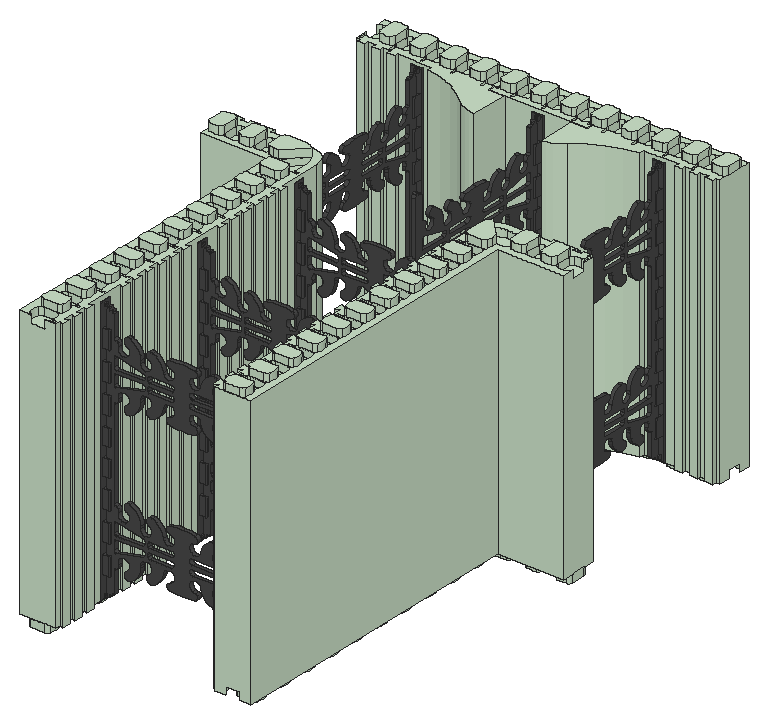
Revit family "ICF- NUDURA 10-inch- Long T Form Unit- Imperial", category Generic Models, Revit 2010 (continued)
Forms (in)
  Extrusion 46, void
    sketch origin (4, 6, 0) x (-1, 0, 0) y (0, -1, 0)
      loop
        arc (-4.89808, 25.99998) -> (-5.04517, 25.95213) -> (-5.13595, 25.8269) r 0.25
        arc (-5.13595, 25.8269) -> (-5.1875, 25.49998) -> (-5.13595, 25.17306) r 1.0625
    from 0 to 0.5
  Extrusion 47, void
    sketch origin (4, 8, 0) x (-1, 0, 0) y (0, -1, 0)
      loop
        arc (-5.13595, 25.17306) -> (-5.04517, 25.04783) -> (-4.89808, 24.99998) r 0.25
        line (-4.89808, 24.99998) -> (-3.97692, 24.99998)
        arc (-3.97692, 24.99998) -> (-3.82983, 25.04783) -> (-3.73905, 25.17306) r 0.25
        arc (-3.73905, 25.17306) -> (-3.69045, 25.4209) -> (-3.70172, 25.67321) r 1.0625
        arc (-3.70172, 25.67321) -> (-3.68771, 25.72383) -> (-3.64005, 25.7459) r 0.0625
        line (-3.64005, 25.7459) -> (-3.41845, 25.7459) -> (-3.41845, 25.91673) -> (-3.76455, 25.91673)
        arc (-3.76455, 25.91673) -> (-3.78736, 25.92104) -> (-3.80702, 25.93338) r 0.0625
        arc (-3.80702, 25.93338) -> (-3.88568, 25.98274) -> (-3.97692, 25.99998) r 0.25
        line (-3.97692, 25.99998) -> (-4.89808, 25.99998)
        arc (-4.89808, 25.99998) -> (-5.04517, 25.95213) -> (-5.13595, 25.8269) r 0.25
        arc (-5.13595, 25.8269) -> (-5.1875, 25.49998) -> (-5.13595, 25.17306) r 1.0625
    from 0 to 0.5
  Extrusion 48, void
    sketch origin (4, 10, 0) x (-1, 0, 0) y (0, -1, 0)
      loop
        arc (-5.13595, 25.17306) -> (-5.04517, 25.04783) -> (-4.89808, 24.99998) r 0.25
        line (-4.89808, 24.99998) -> (-3.97692, 24.99998)
        arc (-3.97692, 24.99998) -> (-3.82983, 25.04783) -> (-3.73905, 25.17306) r 0.25
        arc (-3.73905, 25.17306) -> (-3.69045, 25.4209) -> (-3.70172, 25.67321) r 1.0625
        arc (-3.70172, 25.67321) -> (-3.68771, 25.72383) -> (-3.64005, 25.7459) r 0.0625
        line (-3.64005, 25.7459) -> (-3.41845, 25.7459) -> (-3.41845, 25.91673) -> (-3.76455, 25.91673)
        arc (-3.76455, 25.91673) -> (-3.78736, 25.92104) -> (-3.80702, 25.93338) r 0.0625
        arc (-3.80702, 25.93338) -> (-3.88568, 25.98274) -> (-3.97692, 25.99998) r 0.25
        line (-3.97692, 25.99998) -> (-4.89808, 25.99998)
        arc (-4.89808, 25.99998) -> (-5.04517, 25.95213) -> (-5.13595, 25.8269) r 0.25
        arc (-5.13595, 25.8269) -> (-5.1875, 25.49998) -> (-5.13595, 25.17306) r 1.0625
    from 0 to 0.5
  Extrusion 49, void
    sketch origin (4, 12, 0) x (-1, 0, 0) y (0, -1, 0)
      loop
        arc (-5.13595, 25.17306) -> (-5.04517, 25.04783) -> (-4.89808, 24.99998) r 0.25
        line (-4.89808, 24.99998) -> (-3.97692, 24.99998)
        arc (-3.97692, 24.99998) -> (-3.82983, 25.04783) -> (-3.73905, 25.17306) r 0.25
        arc (-3.73905, 25.17306) -> (-3.69045, 25.4209) -> (-3.70172, 25.67321) r 1.0625
        arc (-3.70172, 25.67321) -> (-3.68771, 25.72383) -> (-3.64005, 25.7459) r 0.0625
        line (-3.64005, 25.7459) -> (-3.41845, 25.7459) -> (-3.41845, 25.91673) -> (-3.76455, 25.91673)
        arc (-3.76455, 25.91673) -> (-3.78736, 25.92104) -> (-3.80702, 25.93338) r 0.0625
        arc (-3.80702, 25.93338) -> (-3.88568, 25.98274) -> (-3.97692, 25.99998) r 0.25
        line (-3.97692, 25.99998) -> (-4.89808, 25.99998)
        arc (-4.89808, 25.99998) -> (-5.04517, 25.95213) -> (-5.13595, 25.8269) r 0.25
        arc (-5.13595, 25.8269) -> (-5.1875, 25.49998) -> (-5.13595, 25.17306) r 1.0625
    from 0 to 0.5
  Extrusion 50, void
    sketch origin (4, 14, 0) x (-1, 0, 0) y (0, -1, 0)
      loop
        arc (-5.13595, 25.17306) -> (-5.04517, 25.04783) -> (-4.89808, 24.99998) r 0.25
        line (-4.89808, 24.99998) -> (-3.97692, 24.99998)
        arc (-3.97692, 24.99998) -> (-3.82983, 25.04783) -> (-3.73905, 25.17306) r 0.25
        arc (-3.73905, 25.17306) -> (-3.69045, 25.4209) -> (-3.70172, 25.67321) r 1.0625
        arc (-3.70172, 25.67321) -> (-3.68771, 25.72383) -> (-3.64005, 25.7459) r 0.0625
        line (-3.64005, 25.7459) -> (-3.41845, 25.7459) -> (-3.41845, 25.91673) -> (-3.76455, 25.91673)
        arc (-3.76455, 25.91673) -> (-3.78736, 25.92104) -> (-3.80702, 25.93338) r 0.0625
        arc (-3.80702, 25.93338) -> (-3.88568, 25.98274) -> (-3.97692, 25.99998) r 0.25
        line (-3.97692, 25.99998) -> (-4.89808, 25.99998)
        arc (-4.89808, 25.99998) -> (-5.04517, 25.95213) -> (-5.13595, 25.8269) r 0.25
        arc (-5.13595, 25.8269) -> (-5.1875, 25.49998) -> (-5.13595, 25.17306) r 1.0625
    from 0 to 0.5
  Extrusion 51, void
    sketch origin (4.00002, -3.99998, 0) x (0, -1, 0) y (1, 0, 0)
      loop
        arc (5.67323, 3.7017) -> (5.72385, 3.68769) -> (5.74592, 3.64003) r 0.0625
        line (5.74592, 3.64003) -> (5.74592, 3.41844) -> (5.91675, 3.41844) -> (5.91675, 3.76453)
        arc (5.91675, 3.76453) -> (5.92106, 3.78734) -> (5.9334, 3.807) r 0.0625
        arc (5.9334, 3.807) -> (5.98276, 3.88566) -> (6, 3.9769) r 0.25
        line (6, 3.9769) -> (6, 4.89806)
        arc (6, 4.89806) -> (5.95215, 5.04515) -> (5.82692, 5.13593) r 0.25
        arc (5.82692, 5.13593) -> (5.66548, 5.17452) -> (5.5, 5.18748) r 1.0625
        line (5.5, 5.18748) -> (5.1875, 5.18748) -> (3.98039, 3.98037)
        arc (3.98039, 3.98037) -> (4.30482, 3.7636) -> (4.6875, 3.68748) r 1
        line (4.6875, 3.68748) -> (5.5, 3.68748)
        arc (5.5, 3.68748) -> (5.58691, 3.69104) -> (5.67323, 3.7017) r 1.0625
    from 0 to 0.5
  Extrusion 52, void
    sketch origin (35.99998, -3.99998, 0) x (0, 1, 0) y (-1, 0, 0)
      loop
        arc (-5.13595, 25.17306) -> (-5.04517, 25.04783) -> (-4.89808, 24.99998) r 0.25
        line (-4.89808, 24.99998) -> (-3.97692, 24.99998)
        arc (-3.97692, 24.99998) -> (-3.82983, 25.04783) -> (-3.73905, 25.17306) r 0.25
        arc (-3.73905, 25.17306) -> (-3.69045, 25.4209) -> (-3.70172, 25.67321) r 1.0625
        arc (-3.70172, 25.67321) -> (-3.68771, 25.72383) -> (-3.64005, 25.7459) r 0.0625
        line (-3.64005, 25.7459) -> (-3.41845, 25.7459) -> (-3.41845, 25.91673) -> (-3.76455, 25.91673)
        arc (-3.76455, 25.91673) -> (-3.78736, 25.92104) -> (-3.80702, 25.93338) r 0.0625
        arc (-3.80702, 25.93338) -> (-3.88568, 25.98274) -> (-3.97692, 25.99998) r 0.25
        line (-3.97692, 25.99998) -> (-4.89808, 25.99998)
        arc (-4.89808, 25.99998) -> (-5.04517, 25.95213) -> (-5.13595, 25.8269) r 0.25
        arc (-5.13595, 25.8269) -> (-5.1875, 25.49998) -> (-5.13595, 25.17306) r 1.0625
    from 0 to 0.5
  Extrusion 53, void
    sketch origin (37.99998, -3.99998, 0) x (0, 1, 0) y (-1, 0, 0)
      loop
        arc (-5.13595, 25.17306) -> (-5.04517, 25.04783) -> (-4.89808, 24.99998) r 0.25
        line (-4.89808, 24.99998) -> (-3.97692, 24.99998)
        arc (-3.97692, 24.99998) -> (-3.82983, 25.04783) -> (-3.73905, 25.17306) r 0.25
        arc (-3.73905, 25.17306) -> (-3.69045, 25.4209) -> (-3.70172, 25.67321) r 1.0625
        arc (-3.70172, 25.67321) -> (-3.68771, 25.72383) -> (-3.64005, 25.7459) r 0.0625
        line (-3.64005, 25.7459) -> (-3.41845, 25.7459) -> (-3.41845, 25.91673) -> (-3.76455, 25.91673)
        arc (-3.76455, 25.91673) -> (-3.78736, 25.92104) -> (-3.80702, 25.93338) r 0.0625
        arc (-3.80702, 25.93338) -> (-3.88568, 25.98274) -> (-3.97692, 25.99998) r 0.25
        line (-3.97692, 25.99998) -> (-4.89808, 25.99998)
        arc (-4.89808, 25.99998) -> (-5.04517, 25.95213) -> (-5.13595, 25.8269) r 0.25
        arc (-5.13595, 25.8269) -> (-5.1875, 25.49998) -> (-5.13595, 25.17306) r 1.0625
    from 0 to 0.5
  Extrusion 54, void
    sketch origin (15.99998, -0.00002, 0) x (0, -1, 0) y (1, 0, 0)
      loop
        arc (-5.13595, -25.17306) -> (-5.1875, -25.49998) -> (-5.13595, -25.8269) r 1.0625
        arc (-5.13595, -25.8269) -> (-5.04517, -25.95213) -> (-4.89808, -25.99998) r 0.25
        line (-4.89808, -25.99998) -> (-3.97692, -25.99998)
        arc (-3.97692, -25.99998) -> (-3.88568, -25.98274) -> (-3.80702, -25.93338) r 0.25
        arc (-3.80702, -25.93338) -> (-3.78736, -25.92104) -> (-3.76455, -25.91673) r 0.0625
        line (-3.76455, -25.91673) -> (-3.41845, -25.91673) -> (-3.41845, -25.7459) -> (-3.64005, -25.7459)
        arc (-3.64005, -25.7459) -> (-3.68771, -25.72383) -> (-3.70172, -25.67321) r 0.0625
        arc (-3.70172, -25.67321) -> (-3.69045, -25.4209) -> (-3.73905, -25.17306) r 1.0625
        arc (-3.73905, -25.17306) -> (-3.82983, -25.04783) -> (-3.97692, -24.99998) r 0.25
        line (-3.97692, -24.99998) -> (-4.89808, -24.99998)
        arc (-4.89808, -24.99998) -> (-5.04517, -25.04783) -> (-5.13595, -25.17306) r 0.25
    from 18 to 17.5
  Extrusion 55, void
    sketch origin (17.99998, -0.00002, 0) x (0, -1, 0) y (1, 0, 0)
      loop
        arc (-5.13595, -25.17306) -> (-5.1875, -25.49998) -> (-5.13595, -25.8269) r 1.0625
        arc (-5.13595, -25.8269) -> (-5.04517, -25.95213) -> (-4.89808, -25.99998) r 0.25
        line (-4.89808, -25.99998) -> (-3.97692, -25.99998)
        arc (-3.97692, -25.99998) -> (-3.88568, -25.98274) -> (-3.80702, -25.93338) r 0.25
        arc (-3.80702, -25.93338) -> (-3.78736, -25.92104) -> (-3.76455, -25.91673) r 0.0625
        line (-3.76455, -25.91673) -> (-3.41845, -25.91673) -> (-3.41845, -25.7459) -> (-3.64005, -25.7459)
        arc (-3.64005, -25.7459) -> (-3.68771, -25.72383) -> (-3.70172, -25.67321) r 0.0625
        arc (-3.70172, -25.67321) -> (-3.69045, -25.4209) -> (-3.73905, -25.17306) r 1.0625
        arc (-3.73905, -25.17306) -> (-3.82983, -25.04783) -> (-3.97692, -24.99998) r 0.25
        line (-3.97692, -24.99998) -> (-4.89808, -24.99998)
        arc (-4.89808, -24.99998) -> (-5.04517, -25.04783) -> (-5.13595, -25.17306) r 0.25
    from 18 to 17.5
  Extrusion 56, void
    sketch origin (19.99998, -0.00002, 0) x (0, -1, 0) y (1, 0, 0)
      loop
        arc (-5.13595, -25.17306) -> (-5.1875, -25.49998) -> (-5.13595, -25.8269) r 1.0625
        arc (-5.13595, -25.8269) -> (-5.04517, -25.95213) -> (-4.89808, -25.99998) r 0.25
        line (-4.89808, -25.99998) -> (-3.97692, -25.99998)
        arc (-3.97692, -25.99998) -> (-3.88568, -25.98274) -> (-3.80702, -25.93338) r 0.25
        arc (-3.80702, -25.93338) -> (-3.78736, -25.92104) -> (-3.76455, -25.91673) r 0.0625
        line (-3.76455, -25.91673) -> (-3.41845, -25.91673) -> (-3.41845, -25.7459) -> (-3.64005, -25.7459)
        arc (-3.64005, -25.7459) -> (-3.68771, -25.72383) -> (-3.70172, -25.67321) r 0.0625
        arc (-3.70172, -25.67321) -> (-3.69045, -25.4209) -> (-3.73905, -25.17306) r 1.0625
        arc (-3.73905, -25.17306) -> (-3.82983, -25.04783) -> (-3.97692, -24.99998) r 0.25
        line (-3.97692, -24.99998) -> (-4.89808, -24.99998)
        arc (-4.89808, -24.99998) -> (-5.04517, -25.04783) -> (-5.13595, -25.17306) r 0.25
    from 18 to 17.5
  Extrusion 57, void
    sketch origin (21.99998, -0.00002, 0) x (0, -1, 0) y (1, 0, 0)
      loop
        arc (-5.13595, -25.17306) -> (-5.1875, -25.49998) -> (-5.13595, -25.8269) r 1.0625
        arc (-5.13595, -25.8269) -> (-5.04517, -25.95213) -> (-4.89808, -25.99998) r 0.25
        line (-4.89808, -25.99998) -> (-3.97692, -25.99998)
        arc (-3.97692, -25.99998) -> (-3.88568, -25.98274) -> (-3.80702, -25.93338) r 0.25
        arc (-3.80702, -25.93338) -> (-3.78736, -25.92104) -> (-3.76455, -25.91673) r 0.0625
        line (-3.76455, -25.91673) -> (-3.41845, -25.91673) -> (-3.41845, -25.7459) -> (-3.64005, -25.7459)
        arc (-3.64005, -25.7459) -> (-3.68771, -25.72383) -> (-3.70172, -25.67321) r 0.0625
        arc (-3.70172, -25.67321) -> (-3.69045, -25.4209) -> (-3.73905, -25.17306) r 1.0625
        arc (-3.73905, -25.17306) -> (-3.82983, -25.04783) -> (-3.97692, -24.99998) r 0.25
        line (-3.97692, -24.99998) -> (-4.89808, -24.99998)
        arc (-4.89808, -24.99998) -> (-5.04517, -25.04783) -> (-5.13595, -25.17306) r 0.25
    from 18 to 17.5
  Extrusion 58, void
    sketch origin (23.99998, -0.00002, 0) x (0, -1, 0) y (1, 0, 0)
      loop
        arc (-5.13595, -25.17306) -> (-5.1875, -25.49998) -> (-5.13595, -25.8269) r 1.0625
        arc (-5.13595, -25.8269) -> (-5.04517, -25.95213) -> (-4.89808, -25.99998) r 0.25
        line (-4.89808, -25.99998) -> (-3.97692, -25.99998)
        arc (-3.97692, -25.99998) -> (-3.88568, -25.98274) -> (-3.80702, -25.93338) r 0.25
        arc (-3.80702, -25.93338) -> (-3.78736, -25.92104) -> (-3.76455, -25.91673) r 0.0625
        line (-3.76455, -25.91673) -> (-3.41845, -25.91673) -> (-3.41845, -25.7459) -> (-3.64005, -25.7459)
        arc (-3.64005, -25.7459) -> (-3.68771, -25.72383) -> (-3.70172, -25.67321) r 0.0625
        arc (-3.70172, -25.67321) -> (-3.69045, -25.4209) -> (-3.73905, -25.17306) r 1.0625
        arc (-3.73905, -25.17306) -> (-3.82983, -25.04783) -> (-3.97692, -24.99998) r 0.25
        line (-3.97692, -24.99998) -> (-4.89808, -24.99998)
        arc (-4.89808, -24.99998) -> (-5.04517, -25.04783) -> (-5.13595, -25.17306) r 0.25
    from 18 to 17.5
  Extrusion 59, void
    sketch origin (29.99998, -0.00002, 0) x (0, -1, 0) y (1, 0, 0)
      loop
        arc (-5.13595, -25.17306) -> (-5.1875, -25.49998) -> (-5.13595, -25.8269) r 1.0625
        arc (-5.13595, -25.8269) -> (-5.04517, -25.95213) -> (-4.89808, -25.99998) r 0.25
        line (-4.89808, -25.99998) -> (-3.97692, -25.99998)
        arc (-3.97692, -25.99998) -> (-3.88568, -25.98274) -> (-3.80702, -25.93338) r 0.25
        arc (-3.80702, -25.93338) -> (-3.78736, -25.92104) -> (-3.76455, -25.91673) r 0.0625
        line (-3.76455, -25.91673) -> (-3.41845, -25.91673) -> (-3.41845, -25.7459) -> (-3.64005, -25.7459)
        arc (-3.64005, -25.7459) -> (-3.68771, -25.72383) -> (-3.70172, -25.67321) r 0.0625
        arc (-3.70172, -25.67321) -> (-3.69045, -25.4209) -> (-3.73905, -25.17306) r 1.0625
        arc (-3.73905, -25.17306) -> (-3.82983, -25.04783) -> (-3.97692, -24.99998) r 0.25
        line (-3.97692, -24.99998) -> (-4.89808, -24.99998)
        arc (-4.89808, -24.99998) -> (-5.04517, -25.04783) -> (-5.13595, -25.17306) r 0.25
    from 18 to 17.5
  Extrusion 60, void
    sketch origin (31.99998, -0.00002, 0) x (0, -1, 0) y (1, 0, 0)
      loop
        arc (-5.13595, -25.17306) -> (-5.1875, -25.49998) -> (-5.13595, -25.8269) r 1.0625
        arc (-5.13595, -25.8269) -> (-5.04517, -25.95213) -> (-4.89808, -25.99998) r 0.25
        line (-4.89808, -25.99998) -> (-3.97692, -25.99998)
        arc (-3.97692, -25.99998) -> (-3.88568, -25.98274) -> (-3.80702, -25.93338) r 0.25
        arc (-3.80702, -25.93338) -> (-3.78736, -25.92104) -> (-3.76455, -25.91673) r 0.0625
        line (-3.76455, -25.91673) -> (-3.41845, -25.91673) -> (-3.41845, -25.7459) -> (-3.64005, -25.7459)
        arc (-3.64005, -25.7459) -> (-3.68771, -25.72383) -> (-3.70172, -25.67321) r 0.0625
        arc (-3.70172, -25.67321) -> (-3.69045, -25.4209) -> (-3.73905, -25.17306) r 1.0625
        arc (-3.73905, -25.17306) -> (-3.82983, -25.04783) -> (-3.97692, -24.99998) r 0.25
        line (-3.97692, -24.99998) -> (-4.89808, -24.99998)
        arc (-4.89808, -24.99998) -> (-5.04517, -25.04783) -> (-5.13595, -25.17306) r 0.25
    from 18 to 17.5
  Extrusion 61, void
    sketch origin (33.99998, -0.00002, 0) x (0, -1, 0) y (1, 0, 0)
      loop
        arc (-5.13595, -25.17306) -> (-5.1875, -25.49998) -> (-5.13595, -25.8269) r 1.0625
        arc (-5.13595, -25.8269) -> (-5.04517, -25.95213) -> (-4.89808, -25.99998) r 0.25
        line (-4.89808, -25.99998) -> (-3.97692, -25.99998)
        arc (-3.97692, -25.99998) -> (-3.88568, -25.98274) -> (-3.80702, -25.93338) r 0.25
        arc (-3.80702, -25.93338) -> (-3.78736, -25.92104) -> (-3.76455, -25.91673) r 0.0625
        line (-3.76455, -25.91673) -> (-3.41845, -25.91673) -> (-3.41845, -25.7459) -> (-3.64005, -25.7459)
        arc (-3.64005, -25.7459) -> (-3.68771, -25.72383) -> (-3.70172, -25.67321) r 0.0625
        arc (-3.70172, -25.67321) -> (-3.69045, -25.4209) -> (-3.73905, -25.17306) r 1.0625
        arc (-3.73905, -25.17306) -> (-3.82983, -25.04783) -> (-3.97692, -24.99998) r 0.25
        line (-3.97692, -24.99998) -> (-4.89808, -24.99998)
        arc (-4.89808, -24.99998) -> (-5.04517, -25.04783) -> (-5.13595, -25.17306) r 0.25
    from 18 to 17.5
  Extrusion 62, void
    sketch origin (35.99998, -0.00002, 0) x (0, -1, 0) y (1, 0, 0)
      loop
        arc (-5.13595, -25.17306) -> (-5.1875, -25.49998) -> (-5.13595, -25.8269) r 1.0625
        arc (-5.13595, -25.8269) -> (-5.04517, -25.95213) -> (-4.89808, -25.99998) r 0.25
        line (-4.89808, -25.99998) -> (-3.97692, -25.99998)
        arc (-3.97692, -25.99998) -> (-3.88568, -25.98274) -> (-3.80702, -25.93338) r 0.25
        arc (-3.80702, -25.93338) -> (-3.78736, -25.92104) -> (-3.76455, -25.91673) r 0.0625
        line (-3.76455, -25.91673) -> (-3.41845, -25.91673) -> (-3.41845, -25.7459) -> (-3.64005, -25.7459)
        arc (-3.64005, -25.7459) -> (-3.68771, -25.72383) -> (-3.70172, -25.67321) r 0.0625
        arc (-3.70172, -25.67321) -> (-3.69045, -25.4209) -> (-3.73905, -25.17306) r 1.0625
        arc (-3.73905, -25.17306) -> (-3.82983, -25.04783) -> (-3.97692, -24.99998) r 0.25
        line (-3.97692, -24.99998) -> (-4.89808, -24.99998)
        arc (-4.89808, -24.99998) -> (-5.04517, -25.04783) -> (-5.13595, -25.17306) r 0.25
    from 18 to 17.5
  Extrusion 63, void
    sketch origin (-33.99998, -0.00002, 0) x (0, -1, 0) y (1, 0, 0)
      loop
        arc (-5.13595, 25.17306) -> (-5.04517, 25.04783) -> (-4.89808, 24.99998) r 0.25
        line (-4.89808, 24.99998) -> (-3.97692, 24.99998)
        arc (-3.97692, 24.99998) -> (-3.82983, 25.04783) -> (-3.73905, 25.17306) r 0.25
        arc (-3.73905, 25.17306) -> (-3.69045, 25.4209) -> (-3.70172, 25.67321) r 1.0625
        arc (-3.70172, 25.67321) -> (-3.68771, 25.72383) -> (-3.64005, 25.7459) r 0.0625
        line (-3.64005, 25.7459) -> (-3.41845, 25.7459) -> (-3.41845, 25.91673) -> (-3.76455, 25.91673)
        arc (-3.76455, 25.91673) -> (-3.78736, 25.92104) -> (-3.80702, 25.93338) r 0.0625
        arc (-3.80702, 25.93338) -> (-3.88568, 25.98274) -> (-3.97692, 25.99998) r 0.25
        line (-3.97692, 25.99998) -> (-4.89808, 25.99998)
        arc (-4.89808, 25.99998) -> (-5.04517, 25.95213) -> (-5.13595, 25.8269) r 0.25
        arc (-5.13595, 25.8269) -> (-5.1875, 25.49998) -> (-5.13595, 25.17306) r 1.0625
    from 0 to 0.5
  Extrusion 64, void
    sketch origin (-31.99998, -0.00002, 0) x (0, -1, 0) y (1, 0, 0)
      loop
        arc (-5.13595, 25.17306) -> (-5.04517, 25.04783) -> (-4.89808, 24.99998) r 0.25
        line (-4.89808, 24.99998) -> (-3.97692, 24.99998)
        arc (-3.97692, 24.99998) -> (-3.82983, 25.04783) -> (-3.73905, 25.17306) r 0.25
        arc (-3.73905, 25.17306) -> (-3.69045, 25.4209) -> (-3.70172, 25.67321) r 1.0625
        arc (-3.70172, 25.67321) -> (-3.68771, 25.72383) -> (-3.64005, 25.7459) r 0.0625
        line (-3.64005, 25.7459) -> (-3.41845, 25.7459) -> (-3.41845, 25.91673) -> (-3.76455, 25.91673)
        arc (-3.76455, 25.91673) -> (-3.78736, 25.92104) -> (-3.80702, 25.93338) r 0.0625
        arc (-3.80702, 25.93338) -> (-3.88568, 25.98274) -> (-3.97692, 25.99998) r 0.25
        line (-3.97692, 25.99998) -> (-4.89808, 25.99998)
        arc (-4.89808, 25.99998) -> (-5.04517, 25.95213) -> (-5.13595, 25.8269) r 0.25
        arc (-5.13595, 25.8269) -> (-5.1875, 25.49998) -> (-5.13595, 25.17306) r 1.0625
    from 0 to 0.5
  Extrusion 65, void
    sketch origin (-29.99998, -0.00002, 0) x (0, -1, 0) y (1, 0, 0)
      loop
        arc (-5.13595, 25.17306) -> (-5.04517, 25.04783) -> (-4.89808, 24.99998) r 0.25
        line (-4.89808, 24.99998) -> (-3.97692, 24.99998)
        arc (-3.97692, 24.99998) -> (-3.82983, 25.04783) -> (-3.73905, 25.17306) r 0.25
        arc (-3.73905, 25.17306) -> (-3.69045, 25.4209) -> (-3.70172, 25.67321) r 1.0625
        arc (-3.70172, 25.67321) -> (-3.68771, 25.72383) -> (-3.64005, 25.7459) r 0.0625
        line (-3.64005, 25.7459) -> (-3.41845, 25.7459) -> (-3.41845, 25.91673) -> (-3.76455, 25.91673)
        arc (-3.76455, 25.91673) -> (-3.78736, 25.92104) -> (-3.80702, 25.93338) r 0.0625
        arc (-3.80702, 25.93338) -> (-3.88568, 25.98274) -> (-3.97692, 25.99998) r 0.25
        line (-3.97692, 25.99998) -> (-4.89808, 25.99998)
        arc (-4.89808, 25.99998) -> (-5.04517, 25.95213) -> (-5.13595, 25.8269) r 0.25
        arc (-5.13595, 25.8269) -> (-5.1875, 25.49998) -> (-5.13595, 25.17306) r 1.0625
    from 0 to 0.5
  Extrusion 66, void
    sketch origin (-27.99998, -0.00002, 0) x (0, -1, 0) y (1, 0, 0)
      loop
        arc (-5.13595, 25.17306) -> (-5.04517, 25.04783) -> (-4.89808, 24.99998) r 0.25
        line (-4.89808, 24.99998) -> (-3.97692, 24.99998)
        arc (-3.97692, 24.99998) -> (-3.82983, 25.04783) -> (-3.73905, 25.17306) r 0.25
        arc (-3.73905, 25.17306) -> (-3.69045, 25.4209) -> (-3.70172, 25.67321) r 1.0625
        arc (-3.70172, 25.67321) -> (-3.68771, 25.72383) -> (-3.64005, 25.7459) r 0.0625
        line (-3.64005, 25.7459) -> (-3.41845, 25.7459) -> (-3.41845, 25.91673) -> (-3.76455, 25.91673)
        arc (-3.76455, 25.91673) -> (-3.78736, 25.92104) -> (-3.80702, 25.93338) r 0.0625
        arc (-3.80702, 25.93338) -> (-3.88568, 25.98274) -> (-3.97692, 25.99998) r 0.25
        line (-3.97692, 25.99998) -> (-4.89808, 25.99998)
        arc (-4.89808, 25.99998) -> (-5.04517, 25.95213) -> (-5.13595, 25.8269) r 0.25
        arc (-5.13595, 25.8269) -> (-5.1875, 25.49998) -> (-5.13595, 25.17306) r 1.0625
    from 0 to 0.5
  Extrusion 67, void
    sketch origin (-19.99998, -0.00002, 0) x (0, -1, 0) y (1, 0, 0)
      loop
        arc (-5.13595, 25.17306) -> (-5.04517, 25.04783) -> (-4.89808, 24.99998) r 0.25
        line (-4.89808, 24.99998) -> (-3.97692, 24.99998)
        arc (-3.97692, 24.99998) -> (-3.82983, 25.04783) -> (-3.73905, 25.17306) r 0.25
        arc (-3.73905, 25.17306) -> (-3.69045, 25.4209) -> (-3.70172, 25.67321) r 1.0625
        arc (-3.70172, 25.67321) -> (-3.68771, 25.72383) -> (-3.64005, 25.7459) r 0.0625
        line (-3.64005, 25.7459) -> (-3.41845, 25.7459) -> (-3.41845, 25.91673) -> (-3.76455, 25.91673)
        arc (-3.76455, 25.91673) -> (-3.78736, 25.92104) -> (-3.80702, 25.93338) r 0.0625
        arc (-3.80702, 25.93338) -> (-3.88568, 25.98274) -> (-3.97692, 25.99998) r 0.25
        line (-3.97692, 25.99998) -> (-4.89808, 25.99998)
        arc (-4.89808, 25.99998) -> (-5.04517, 25.95213) -> (-5.13595, 25.8269) r 0.25
        arc (-5.13595, 25.8269) -> (-5.1875, 25.49998) -> (-5.13595, 25.17306) r 1.0625
    from 0 to 0.5
  Extrusion 68, void
    sketch origin (-17.99998, -0.00002, 0) x (0, -1, 0) y (1, 0, 0)
      loop
        arc (-5.13595, 25.17306) -> (-5.04517, 25.04783) -> (-4.89808, 24.99998) r 0.25
        line (-4.89808, 24.99998) -> (-3.97692, 24.99998)
        arc (-3.97692, 24.99998) -> (-3.82983, 25.04783) -> (-3.73905, 25.17306) r 0.25
        arc (-3.73905, 25.17306) -> (-3.69045, 25.4209) -> (-3.70172, 25.67321) r 1.0625
        arc (-3.70172, 25.67321) -> (-3.68771, 25.72383) -> (-3.64005, 25.7459) r 0.0625
        line (-3.64005, 25.7459) -> (-3.41845, 25.7459) -> (-3.41845, 25.91673) -> (-3.76455, 25.91673)
        arc (-3.76455, 25.91673) -> (-3.78736, 25.92104) -> (-3.80702, 25.93338) r 0.0625
        arc (-3.80702, 25.93338) -> (-3.88568, 25.98274) -> (-3.97692, 25.99998) r 0.25
        line (-3.97692, 25.99998) -> (-4.89808, 25.99998)
        arc (-4.89808, 25.99998) -> (-5.04517, 25.95213) -> (-5.13595, 25.8269) r 0.25
        arc (-5.13595, 25.8269) -> (-5.1875, 25.49998) -> (-5.13595, 25.17306) r 1.0625
    from 0 to 0.5
  Extrusion 69, void
    sketch origin (-15.99998, -0.00002, 0) x (0, -1, 0) y (1, 0, 0)
      loop
        arc (-5.13595, 25.17306) -> (-5.04517, 25.04783) -> (-4.89808, 24.99998) r 0.25
        line (-4.89808, 24.99998) -> (-3.97692, 24.99998)
        arc (-3.97692, 24.99998) -> (-3.82983, 25.04783) -> (-3.73905, 25.17306) r 0.25
        arc (-3.73905, 25.17306) -> (-3.69045, 25.4209) -> (-3.70172, 25.67321) r 1.0625
        arc (-3.70172, 25.67321) -> (-3.68771, 25.72383) -> (-3.64005, 25.7459) r 0.0625
        line (-3.64005, 25.7459) -> (-3.41845, 25.7459) -> (-3.41845, 25.91673) -> (-3.76455, 25.91673)
        arc (-3.76455, 25.91673) -> (-3.78736, 25.92104) -> (-3.80702, 25.93338) r 0.0625
        arc (-3.80702, 25.93338) -> (-3.88568, 25.98274) -> (-3.97692, 25.99998) r 0.25
        line (-3.97692, 25.99998) -> (-4.89808, 25.99998)
        arc (-4.89808, 25.99998) -> (-5.04517, 25.95213) -> (-5.13595, 25.8269) r 0.25
        arc (-5.13595, 25.8269) -> (-5.1875, 25.49998) -> (-5.13595, 25.17306) r 1.0625
    from 0 to 0.5
  Extrusion 70, void
    sketch origin (-13.99998, -0.00002, 0) x (0, -1, 0) y (1, 0, 0)
      loop
        arc (-5.13595, 25.17306) -> (-5.04517, 25.04783) -> (-4.89808, 24.99998) r 0.25
        line (-4.89808, 24.99998) -> (-3.97692, 24.99998)
        arc (-3.97692, 24.99998) -> (-3.82983, 25.04783) -> (-3.73905, 25.17306) r 0.25
        arc (-3.73905, 25.17306) -> (-3.69045, 25.4209) -> (-3.70172, 25.67321) r 1.0625
        arc (-3.70172, 25.67321) -> (-3.68771, 25.72383) -> (-3.64005, 25.7459) r 0.0625
        line (-3.64005, 25.7459) -> (-3.41845, 25.7459) -> (-3.41845, 25.91673) -> (-3.76455, 25.91673)
        arc (-3.76455, 25.91673) -> (-3.78736, 25.92104) -> (-3.80702, 25.93338) r 0.0625
        arc (-3.80702, 25.93338) -> (-3.88568, 25.98274) -> (-3.97692, 25.99998) r 0.25
        line (-3.97692, 25.99998) -> (-4.89808, 25.99998)
        arc (-4.89808, 25.99998) -> (-5.04517, 25.95213) -> (-5.13595, 25.8269) r 0.25
        arc (-5.13595, 25.8269) -> (-5.1875, 25.49998) -> (-5.13595, 25.17306) r 1.0625
    from 0 to 0.5
  Extrusion 71, solid, material "NUDURA Expanded Polystyrene Foam Insulation"
    sketch origin (4, -4, 0) x (1, 0, 0) y (0, 1, 0)
      loop
        arc (3.98039, -3.98037) -> (3.76362, -4.3048) -> (3.6875, -4.68748) r 1
        line (3.6875, -4.68748) -> (3.6875, -5.49998)
        arc (3.6875, -5.49998) -> (3.70047, -5.66546) -> (3.73905, -5.8269) r 1.0625
        arc (3.73905, -5.8269) -> (3.82983, -5.95213) -> (3.97692, -5.99998) r 0.25
        line (3.97692, -5.99998) -> (4.89808, -5.99998)
        arc (4.89808, -5.99998) -> (5.04517, -5.95213) -> (5.13595, -5.8269) r 0.25
        arc (5.13595, -5.8269) -> (5.17453, -5.66546) -> (5.1875, -5.49998) r 1.0625
        line (5.1875, -5.49998) -> (5.1875, -5.18748) -> (3.98039, -3.98037)
    from 18 to 18.5
  Extrusion 72, solid, material "NUDURA Expanded Polystyrene Foam Insulation"
    sketch origin (0, -4, 0) x (1, 0, 0) y (0, 1, 0)
      loop
        line (-4.6875, -3.68748) -> (-5.5, -3.68748)
        arc (-5.5, -3.68748) -> (-5.66548, -3.70045) -> (-5.82692, -3.73903) r 1.0625
        arc (-5.82692, -3.73903) -> (-5.95215, -3.82981) -> (-6, -3.9769) r 0.25
        line (-6, -3.9769) -> (-6, -4.89806)
        arc (-6, -4.89806) -> (-5.95215, -5.04515) -> (-5.82692, -5.13593) r 0.25
        arc (-5.82692, -5.13593) -> (-5.66548, -5.17452) -> (-5.5, -5.18748) r 1.0625
        line (-5.5, -5.18748) -> (-5.1875, -5.18748) -> (-3.98039, -3.98037)
        arc (-3.98039, -3.98037) -> (-4.30482, -3.7636) -> (-4.6875, -3.68748) r 1
    from 18 to 18.5
  Extrusion 73, solid, material "NUDURA Expanded Polystyrene Foam Insulation"
    sketch origin (0, -4, 0) x (1, 0, 0) y (0, 1, 0)
      loop
        line (-5.1875, -5.18748) -> (-5.1875, -5.49998)
        arc (-5.1875, -5.49998) -> (-5.17453, -5.66546) -> (-5.13595, -5.8269) r 1.0625
        arc (-5.13595, -5.8269) -> (-5.04517, -5.95213) -> (-4.89808, -5.99998) r 0.25
        line (-4.89808, -5.99998) -> (-3.97692, -5.99998)
        arc (-3.97692, -5.99998) -> (-3.82983, -5.95213) -> (-3.73905, -5.8269) r 0.25
        arc (-3.73905, -5.8269) -> (-3.70047, -5.66546) -> (-3.6875, -5.49998) r 1.0625
        line (-3.6875, -5.49998) -> (-3.6875, -4.68748)
        arc (-3.6875, -4.68748) -> (-3.76362, -4.3048) -> (-3.98039, -3.98037) r 1
        line (-3.98039, -3.98037) -> (-5.1875, -5.18748)
    from 0 to -0.5
  Extrusion 74, solid, material "NUDURA Expanded Polystyrene Foam Insulation"
    sketch origin (4, -4, 0) x (1, 0, 0) y (0, 1, 0)
      loop
        arc (6, -3.9769) -> (5.95215, -3.82981) -> (5.82692, -3.73903) r 0.25
        arc (5.82692, -3.73903) -> (5.66548, -3.70045) -> (5.5, -3.68748) r 1.0625
        line (5.5, -3.68748) -> (4.6875, -3.68748)
        arc (4.6875, -3.68748) -> (4.30482, -3.7636) -> (3.98039, -3.98037) r 1
        line (3.98039, -3.98037) -> (5.1875, -5.18748) -> (5.5, -5.18748)
        arc (5.5, -5.18748) -> (5.66548, -5.17452) -> (5.82692, -5.13593) r 1.0625
        arc (5.82692, -5.13593) -> (5.95215, -5.04515) -> (6, -4.89806) r 0.25
        line (6, -4.89806) -> (6, -3.9769)
    from 0 to -0.5
  Extrusion 75, void
    sketch origin (-21.99998, -0.00002, 0) x (0, -1, 0) y (1, 0, 0)
      loop
        arc (-5.13595, 25.17306) -> (-5.04517, 25.04783) -> (-4.89808, 24.99998) r 0.25
        line (-4.89808, 24.99998) -> (-3.97692, 24.99998)
        arc (-3.97692, 24.99998) -> (-3.82983, 25.04783) -> (-3.73905, 25.17306) r 0.25
        arc (-3.73905, 25.17306) -> (-3.69045, 25.4209) -> (-3.70172, 25.67321) r 1.0625
        arc (-3.70172, 25.67321) -> (-3.68771, 25.72383) -> (-3.64005, 25.7459) r 0.0625
        line (-3.64005, 25.7459) -> (-3.41845, 25.7459) -> (-3.41845, 25.91673) -> (-3.76455, 25.91673)
        arc (-3.76455, 25.91673) -> (-3.78736, 25.92104) -> (-3.80702, 25.93338) r 0.0625
        arc (-3.80702, 25.93338) -> (-3.88568, 25.98274) -> (-3.97692, 25.99998) r 0.25
        line (-3.97692, 25.99998) -> (-4.89808, 25.99998)
        arc (-4.89808, 25.99998) -> (-5.04517, 25.95213) -> (-5.13595, 25.8269) r 0.25
        arc (-5.13595, 25.8269) -> (-5.1875, 25.49998) -> (-5.13595, 25.17306) r 1.0625
    from 0 to 0.5
  Extrusion 76, solid, material "NUDURA Expanded Polystyrene Foam Insulation"
    sketch origin (0, 0, 0) x (1, 0, 0) y (0, 1, 0)
      loop
        line (-1.25, 5.625) -> (-1.25, 5.17633) -> (-1, 5.24332) -> (-1, 4.63633) -> (-1.25, 4.69867) -> (-1.25, 4.17633) -> (-1, 4.24332) -> (-1, 3.63633) -> (-1.25, 3.69867) -> (-1.25, 3.25) -> (5.25, 3.25) -> (5.25, 3.69867) -> (5, 3.63633) -> (5, 4.24332) -> (5.25, 4.17633) -> (5.25, 4.69867) -> (5, 4.63633) -> (5, 5.24332) -> (5.25, 5.17633) -> (5.25, 5.625) -> (-1.25, 5.625)
    from 0 to 18
  Extrusion 77, void
    sketch origin (25.99998, -0.00002, 0) x (0, -1, 0) y (1, 0, 0)
      loop
        arc (-5.13595, -25.17306) -> (-5.1875, -25.49998) -> (-5.13595, -25.8269) r 1.0625
        arc (-5.13595, -25.8269) -> (-5.04517, -25.95213) -> (-4.89808, -25.99998) r 0.25
        line (-4.89808, -25.99998) -> (-3.97692, -25.99998)
        arc (-3.97692, -25.99998) -> (-3.88568, -25.98274) -> (-3.80702, -25.93338) r 0.25
        arc (-3.80702, -25.93338) -> (-3.78736, -25.92104) -> (-3.76455, -25.91673) r 0.0625
        line (-3.76455, -25.91673) -> (-3.41845, -25.91673) -> (-3.41845, -25.7459) -> (-3.64005, -25.7459)
        arc (-3.64005, -25.7459) -> (-3.68771, -25.72383) -> (-3.70172, -25.67321) r 0.0625
        arc (-3.70172, -25.67321) -> (-3.69045, -25.4209) -> (-3.73905, -25.17306) r 1.0625
        arc (-3.73905, -25.17306) -> (-3.82983, -25.04783) -> (-3.97692, -24.99998) r 0.25
        line (-3.97692, -24.99998) -> (-4.89808, -24.99998)
        arc (-4.89808, -24.99998) -> (-5.04517, -25.04783) -> (-5.13595, -25.17306) r 0.25
    from 18 to 17.5
  Extrusion 78, void
    sketch origin (27.99998, -0.00002, 0) x (0, -1, 0) y (1, 0, 0)
      loop
        arc (-5.13595, -25.17306) -> (-5.1875, -25.49998) -> (-5.13595, -25.8269) r 1.0625
        arc (-5.13595, -25.8269) -> (-5.04517, -25.95213) -> (-4.89808, -25.99998) r 0.25
        line (-4.89808, -25.99998) -> (-3.97692, -25.99998)
        arc (-3.97692, -25.99998) -> (-3.88568, -25.98274) -> (-3.80702, -25.93338) r 0.25
        arc (-3.80702, -25.93338) -> (-3.78736, -25.92104) -> (-3.76455, -25.91673) r 0.0625
        line (-3.76455, -25.91673) -> (-3.41845, -25.91673) -> (-3.41845, -25.7459) -> (-3.64005, -25.7459)
        arc (-3.64005, -25.7459) -> (-3.68771, -25.72383) -> (-3.70172, -25.67321) r 0.0625
        arc (-3.70172, -25.67321) -> (-3.69045, -25.4209) -> (-3.73905, -25.17306) r 1.0625
        arc (-3.73905, -25.17306) -> (-3.82983, -25.04783) -> (-3.97692, -24.99998) r 0.25
        line (-3.97692, -24.99998) -> (-4.89808, -24.99998)
        arc (-4.89808, -24.99998) -> (-5.04517, -25.04783) -> (-5.13595, -25.17306) r 0.25
    from 18 to 17.5
  Extrusion 79, void
    sketch origin (-23.99998, -0.00002, 0) x (0, -1, 0) y (1, 0, 0)
      loop
        arc (-5.13595, 25.17306) -> (-5.04517, 25.04783) -> (-4.89808, 24.99998) r 0.25
        line (-4.89808, 24.99998) -> (-3.97692, 24.99998)
        arc (-3.97692, 24.99998) -> (-3.82983, 25.04783) -> (-3.73905, 25.17306) r 0.25
        arc (-3.73905, 25.17306) -> (-3.69045, 25.4209) -> (-3.70172, 25.67321) r 1.0625
        arc (-3.70172, 25.67321) -> (-3.68771, 25.72383) -> (-3.64005, 25.7459) r 0.0625
        line (-3.64005, 25.7459) -> (-3.41845, 25.7459) -> (-3.41845, 25.91673) -> (-3.76455, 25.91673)
        arc (-3.76455, 25.91673) -> (-3.78736, 25.92104) -> (-3.80702, 25.93338) r 0.0625
        arc (-3.80702, 25.93338) -> (-3.88568, 25.98274) -> (-3.97692, 25.99998) r 0.25
        line (-3.97692, 25.99998) -> (-4.89808, 25.99998)
        arc (-4.89808, 25.99998) -> (-5.04517, 25.95213) -> (-5.13595, 25.8269) r 0.25
        arc (-5.13595, 25.8269) -> (-5.1875, 25.49998) -> (-5.13595, 25.17306) r 1.0625
    from 0 to 0.5
  Extrusion 80, void
    sketch origin (-25.99998, -0.00002, 0) x (0, -1, 0) y (1, 0, 0)
      loop
        arc (-5.13595, 25.17306) -> (-5.04517, 25.04783) -> (-4.89808, 24.99998) r 0.25
        line (-4.89808, 24.99998) -> (-3.97692, 24.99998)
        arc (-3.97692, 24.99998) -> (-3.82983, 25.04783) -> (-3.73905, 25.17306) r 0.25
        arc (-3.73905, 25.17306) -> (-3.69045, 25.4209) -> (-3.70172, 25.67321) r 1.0625
        arc (-3.70172, 25.67321) -> (-3.68771, 25.72383) -> (-3.64005, 25.7459) r 0.0625
        line (-3.64005, 25.7459) -> (-3.41845, 25.7459) -> (-3.41845, 25.91673) -> (-3.76455, 25.91673)
        arc (-3.76455, 25.91673) -> (-3.78736, 25.92104) -> (-3.80702, 25.93338) r 0.0625
        arc (-3.80702, 25.93338) -> (-3.88568, 25.98274) -> (-3.97692, 25.99998) r 0.25
        line (-3.97692, 25.99998) -> (-4.89808, 25.99998)
        arc (-4.89808, 25.99998) -> (-5.04517, 25.95213) -> (-5.13595, 25.8269) r 0.25
        arc (-5.13595, 25.8269) -> (-5.1875, 25.49998) -> (-5.13595, 25.17306) r 1.0625
    from 0 to 0.5
  Extrusion 81, void
    sketch origin (37.99998, -0.00002, 0) x (0, -1, 0) y (1, 0, 0)
      loop
        arc (-5.13595, -25.17306) -> (-5.1875, -25.49998) -> (-5.13595, -25.8269) r 1.0625
        arc (-5.13595, -25.8269) -> (-5.04517, -25.95213) -> (-4.89808, -25.99998) r 0.25
        line (-4.89808, -25.99998) -> (-3.97692, -25.99998)
        arc (-3.97692, -25.99998) -> (-3.88568, -25.98274) -> (-3.80702, -25.93338) r 0.25
        arc (-3.80702, -25.93338) -> (-3.78736, -25.92104) -> (-3.76455, -25.91673) r 0.0625
        line (-3.76455, -25.91673) -> (-3.41845, -25.91673) -> (-3.41845, -25.7459) -> (-3.64005, -25.7459)
        arc (-3.64005, -25.7459) -> (-3.68771, -25.72383) -> (-3.70172, -25.67321) r 0.0625
        arc (-3.70172, -25.67321) -> (-3.69045, -25.4209) -> (-3.73905, -25.17306) r 1.0625
        arc (-3.73905, -25.17306) -> (-3.82983, -25.04783) -> (-3.97692, -24.99998) r 0.25
        line (-3.97692, -24.99998) -> (-4.89808, -24.99998)
        arc (-4.89808, -24.99998) -> (-5.04517, -25.04783) -> (-5.13595, -25.17306) r 0.25
    from 18 to 17.5
  Extrusion 82, void
    sketch origin (-11.99998, -0.00002, 0) x (0, -1, 0) y (1, 0, 0)
      loop
        arc (-5.13595, 25.17306) -> (-5.04517, 25.04783) -> (-4.89808, 24.99998) r 0.25
        line (-4.89808, 24.99998) -> (-3.97692, 24.99998)
        arc (-3.97692, 24.99998) -> (-3.82983, 25.04783) -> (-3.73905, 25.17306) r 0.25
        arc (-3.73905, 25.17306) -> (-3.69045, 25.4209) -> (-3.70172, 25.67321) r 1.0625
        arc (-3.70172, 25.67321) -> (-3.68771, 25.72383) -> (-3.64005, 25.7459) r 0.0625
        line (-3.64005, 25.7459) -> (-3.41845, 25.7459) -> (-3.41845, 25.91673) -> (-3.76455, 25.91673)
        arc (-3.76455, 25.91673) -> (-3.78736, 25.92104) -> (-3.80702, 25.93338) r 0.0625
        arc (-3.80702, 25.93338) -> (-3.88568, 25.98274) -> (-3.97692, 25.99998) r 0.25
        line (-3.97692, 25.99998) -> (-4.89808, 25.99998)
        arc (-4.89808, 25.99998) -> (-5.04517, 25.95213) -> (-5.13595, 25.8269) r 0.25
        arc (-5.13595, 25.8269) -> (-5.1875, 25.49998) -> (-5.13595, 25.17306) r 1.0625
    from 0 to 0.5
Cuts and joins
  Extrusion 2, Extrusion 3, Extrusion 4, Extrusion 5, Extrusion 6, Extrusion 7, Extrusion 8, Extrusion 9, Extrusion 10, Extrusion 11, Extrusion 12, Extrusion 13, Extrusion 14, Extrusion 15, Extrusion 16, Extrusion 17, Extrusion 18, Extrusion 19, Extrusion 20, Extrusion 21, Extrusion 22, Extrusion 23, Extrusion 24, Extrusion 25, Extrusion 26, Extrusion 27, Extrusion 28, Extrusion 29, Extrusion 30, Extrusion 31, Extrusion 32, Extrusion 33, Extrusion 34, Extrusion 35, Extrusion 36, Extrusion 37, Extrusion 38, Extrusion 39, Extrusion 40, Extrusion 41, Extrusion 42, Extrusion 43, Extrusion 44, Extrusion 45, Extrusion 46, Extrusion 47, Extrusion 48, Extrusion 49, Extrusion 50, Extrusion 51, Extrusion 52, Extrusion 53, Extrusion 54, Extrusion 55, Extrusion 56, Extrusion 57, Extrusion 58, Extrusion 59, Extrusion 60, Extrusion 61, Extrusion 62, Extrusion 63, Extrusion 64, Extrusion 65, Extrusion 66, Extrusion 67, Extrusion 68, Extrusion 69, Extrusion 70, Extrusion 75, Extrusion 77, Extrusion 78, Extrusion 79, Extrusion 80, Extrusion 81, Extrusion 82 cuts Extrusion 1
  Extrusion 58, Extrusion 59, Extrusion 75, Extrusion 77, Extrusion 78, Extrusion 79, Extrusion 80 cuts Extrusion 76
Lines and regions (in)
  model lines
    curve 1: line (-5.625, -19.99998, 18) -> (-5.625, -19.99998, 0)
    curve 2: line (-2, 5.62502, 18) -> (-2, 5.62502, 0)
    curve 3: line (-5.625, -21.99998, 0) -> (-5.625, -21.99998, 18)
Dimensions and locks (in)
  locked: plane 8 to level at 18  (x2)
  locked: plane 5 to plane 4 at 10
  locked: plane 7 to plane 6 at 10
  aligned and locked: plane 8 to Extrusion 1
  aligned and locked: Extrusion 1 to level
  aligned and locked: Extrusion 1 to plane 8
  aligned and locked: plane 2 to level
  aligned and locked: nested 67 to cut or joined group 1 (Extrusion 1, Extrusion 2, Extrusion 3, Extrusion 4, Extrusion 5, Extrusion 6, Extrusion 7, Extrusion 8, Extrusion 9, Extrusion 10, Extrusion 11, Extrusion 12, Extrusion 13, Extrusion 14, Extrusion 15, Extrusion 16, Extrusion 17, Extrusion 18, Extrusion 19, Extrusion 20, Extrusion 21, Extrusion 22, Extrusion 23, Extrusion 24, Extrusion 25, Extrusion 26, Extrusion 27, Extrusion 28, Extrusion 29, Extrusion 30, Extrusion 31, Extrusion 32, Extrusion 33, Extrusion 34, Extrusion 35, Extrusion 36, Extrusion 37, Extrusion 38, Extrusion 39, Extrusion 40, Extrusion 41, Extrusion 42, Extrusion 43, Extrusion 44, Extrusion 45, Extrusion 46, Extrusion 47, Extrusion 48, Extrusion 49, Extrusion 50, Extrusion 51, Extrusion 52, Extrusion 53, Extrusion 54, Extrusion 55, Extrusion 56, Extrusion 57, Extrusion 58, Extrusion 59, Extrusion 60, Extrusion 61, Extrusion 62, Extrusion 63, Extrusion 64, Extrusion 65, Extrusion 66, Extrusion 67, Extrusion 68, Extrusion 69, Extrusion 70, Extrusion 75, Extrusion 77, Extrusion 78, Extrusion 79, Extrusion 80, Extrusion 81, Extrusion 82)  (x2)
  aligned and locked: cut or joined group 1 to nested 68
  aligned: nested 70 to cut or joined group 1
  aligned: cut or joined group 1 to nested 71
  aligned: cut or joined group 1 to nested 72
  aligned and locked: nested 78 to nested 72
  aligned and locked: cut or joined group 1 to nested 71
  aligned and locked: nested 88 to cut or joined group 2 (Extrusion 58, Extrusion 59, Extrusion 75, Extrusion 76, Extrusion 77, Extrusion 78, Extrusion 79, Extrusion 80)
  aligned and locked: nested 89 to cut or joined group 2
Nested families (in)
  nested 1: "Interlock Tooth" at (4, -29.99998, 0) x (0, 1, 0) z (0, 0, 1), type "Interlock Tooth"
  nested 2: "Interlock Tooth" at (4, -27.99998, 0) x (0, 1, 0) z (0, 0, 1), type "Interlock Tooth"
  nested 3: "Interlock Tooth" at (4, -25.99998, 0) x (0, 1, 0) z (0, 0, 1), type "Interlock Tooth"
  nested 4: "Interlock Tooth" at (4, -23.99998, 0) x (0, 1, 0) z (0, 0, 1), type "Interlock Tooth"
  nested 5: "Interlock Tooth" at (4, -21.99998, 0) x (0, 1, 0) z (0, 0, 1), type "Interlock Tooth"
  nested 6: "Interlock Tooth" at (4, -19.99998, 0) x (0, 1, 0) z (0, 0, 1), type "Interlock Tooth"
  nested 7: "Interlock Tooth" at (4, -17.99998, 0) x (0, 1, 0) z (0, 0, 1), type "Interlock Tooth"
  nested 8: "Interlock Tooth" at (4, -15.99998, 0) x (0, 1, 0) z (0, 0, 1), type "Interlock Tooth"
  nested 9: "Interlock Tooth" at (4, -13.99998, 0) x (0, 1, 0) z (0, 0, 1), type "Interlock Tooth"
  nested 10: "Interlock Tooth" at (4, -11.99998, 0) x (0, 1, 0) z (0, 0, 1), type "Interlock Tooth"
  nested 11: "Interlock Tooth" at (0, -28.99998, 0) x (0, 1, 0) z (0, 0, 1), type "Interlock Tooth"
  nested 12: "Interlock Tooth" at (0, -26.99998, 0) x (0, 1, 0) z (0, 0, 1), type "Interlock Tooth"
  nested 13: "Interlock Tooth" at (0, -24.99998, 0) x (0, 1, 0) z (0, 0, 1), type "Interlock Tooth"
  nested 14: "Interlock Tooth" at (0, -22.99998, 0) x (0, 1, 0) z (0, 0, 1), type "Interlock Tooth"
  nested 15: "Interlock Tooth" at (0, -20.99998, 0) x (0, 1, 0) z (0, 0, 1), type "Interlock Tooth"
  nested 16: "Interlock Tooth" at (0, -18.99998, 0) x (0, 1, 0) z (0, 0, 1), type "Interlock Tooth"
  nested 17: "Interlock Tooth" at (0, -16.99998, 0) x (0, 1, 0) z (0, 0, 1), type "Interlock Tooth"
  nested 18: "Interlock Tooth" at (0, -14.99998, 0) x (0, 1, 0) z (0, 0, 1), type "Interlock Tooth"
  nested 19: "Interlock Tooth" at (0, -12.99998, 0) x (0, 1, 0) z (0, 0, 1), type "Interlock Tooth"
  nested 20: "Interlock Tooth" at (0, -10.99998, 0) x (0, 1, 0) z (0, 0, 1), type "Interlock Tooth"
  nested 21: "Interlock Tooth" at (-10, -3.99998, 0), type "Interlock Tooth"
  nested 22: "Interlock Tooth" at (-8, -3.99998, 0), type "Interlock Tooth"
  nested 23: "Interlock Tooth" at (10, -3.99998, 0), type "Interlock Tooth"
  nested 24: "Interlock Tooth" at (12, -3.99998, 0), type "Interlock Tooth"
  nested 25: "Interlock Tooth" at (-9, -3.99998, -18.5), type "Interlock Tooth"
  nested 26: "Interlock Tooth" at (-7, -3.99998, -18.5), type "Interlock Tooth"
  nested 27: "Interlock Tooth" at (13, -3.99998, -18.5), type "Interlock Tooth"
  nested 28: "Interlock Tooth" at (11, -3.99998, -18.5), type "Interlock Tooth"
  nested 29: "Interlock Tooth" at (0, -28.99998, -18.5) x (0, -1, 0) z (0, 0, 1), type "Interlock Tooth"
  nested 30: "Interlock Tooth" at (0, -26.99998, -18.5) x (0, -1, 0) z (0, 0, 1), type "Interlock Tooth"
  nested 31: "Interlock Tooth" at (0, -24.99998, -18.5) x (0, -1, 0) z (0, 0, 1), type "Interlock Tooth"
  nested 32: "Interlock Tooth" at (0, -22.99998, -18.5) x (0, -1, 0) z (0, 0, 1), type "Interlock Tooth"
  nested 33: "Interlock Tooth" at (0, -20.99998, -18.5) x (0, -1, 0) z (0, 0, 1), type "Interlock Tooth"
  nested 34: "Interlock Tooth" at (0, -18.99998, -18.5) x (0, -1, 0) z (0, 0, 1), type "Interlock Tooth"
  nested 35: "Interlock Tooth" at (0, -16.99998, -18.5) x (0, -1, 0) z (0, 0, 1), type "Interlock Tooth"
  nested 36: "Interlock Tooth" at (0, -14.99998, -18.5) x (0, -1, 0) z (0, 0, 1), type "Interlock Tooth"
  nested 37: "Interlock Tooth" at (0, -12.99998, -18.5) x (0, -1, 0) z (0, 0, 1), type "Interlock Tooth"
  nested 38: "Interlock Tooth" at (0, -10.99998, -18.5) x (0, -1, 0) z (0, 0, 1), type "Interlock Tooth"
  nested 39: "Interlock Tooth" at (4, -28.99998, -18.5) x (0, 1, 0) z (0, 0, 1), type "Interlock Tooth"
  nested 40: "Interlock Tooth" at (4, -26.99998, -18.5) x (0, 1, 0) z (0, 0, 1), type "Interlock Tooth"
  nested 41: "Interlock Tooth" at (4, -24.99998, -18.5) x (0, 1, 0) z (0, 0, 1), type "Interlock Tooth"
  nested 42: "Interlock Tooth" at (4, -22.99998, -18.5) x (0, 1, 0) z (0, 0, 1), type "Interlock Tooth"
  nested 43: "Interlock Tooth" at (4, -20.99998, -18.5) x (0, 1, 0) z (0, 0, 1), type "Interlock Tooth"
  nested 44: "Interlock Tooth" at (4, -18.99998, -18.5) x (0, 1, 0) z (0, 0, 1), type "Interlock Tooth"
  nested 45: "Interlock Tooth" at (4, -16.99998, -18.5) x (0, 1, 0) z (0, 0, 1), type "Interlock Tooth"
  nested 46: "Interlock Tooth" at (4, -14.99998, -18.5) x (0, 1, 0) z (0, 0, 1), type "Interlock Tooth"
  nested 47: "Interlock Tooth" at (4, -12.99998, -18.5) x (0, 1, 0) z (0, 0, 1), type "Interlock Tooth"
  nested 48: "Interlock Tooth" at (4, -10.99998, -18.5) x (0, 1, 0) z (0, 0, 1), type "Interlock Tooth"
  nested 49: "Interlock Tooth" at (-8, -0.00002, 0) x (-1, 0, 0) z (0, 0, 1), type "Interlock Tooth"
  nested 50: "Interlock Tooth" at (-9, -0.00002, -18.5) x (-1, 0, 0) z (0, 0, 1), type "Interlock Tooth"
  nested 51: "Interlock Tooth" at (-6, -0.00002, 0) x (-1, 0, 0) z (0, 0, 1), type "Interlock Tooth"
  nested 52: "Interlock Tooth" at (-7, -0.00002, -18.5) x (-1, 0, 0) z (0, 0, 1), type "Interlock Tooth"
  nested 53: "Interlock Tooth" at (-4, -0.00002, 0) x (-1, 0, 0) z (0, 0, 1), type "Interlock Tooth"
  nested 54: "Interlock Tooth" at (-5, -0.00002, -18.5) x (-1, 0, 0) z (0, 0, 1), type "Interlock Tooth"
  nested 55: "Interlock Tooth" at (-2, -0.00002, 0) x (-1, 0, 0) z (0, 0, 1), type "Interlock Tooth"
  nested 56: "Interlock Tooth" at (-3, -0.00002, -18.5) x (-1, 0, 0) z (0, 0, 1), type "Interlock Tooth"
  nested 57: "Interlock Tooth" at (-1, -0.00002, -18.5) x (-1, 0, 0) z (0, 0, 1), type "Interlock Tooth"
  nested 58: "Interlock Tooth" at (6, -0.00002, 0) x (-1, 0, 0) z (0, 0, 1), type "Interlock Tooth"
  nested 59: "Interlock Tooth" at (5, -0.00002, -18.5) x (-1, 0, 0) z (0, 0, 1), type "Interlock Tooth"
  nested 60: "Interlock Tooth" at (8, -0.00002, 0) x (-1, 0, 0) z (0, 0, 1), type "Interlock Tooth"
  nested 61: "Interlock Tooth" at (7, -0.00002, -18.5) x (-1, 0, 0) z (0, 0, 1), type "Interlock Tooth"
  nested 62: "Interlock Tooth" at (10, -0.00002, 0) x (-1, 0, 0) z (0, 0, 1), type "Interlock Tooth"
  nested 63: "Interlock Tooth" at (9, -0.00002, -18.5) x (-1, 0, 0) z (0, 0, 1), type "Interlock Tooth"
  nested 64: "Interlock Tooth" at (12, -0.00002, 0) x (-1, 0, 0) z (0, 0, 1), type "Interlock Tooth"
  nested 65: "Interlock Tooth" at (11, -0.00002, -18.5) x (-1, 0, 0) z (0, 0, 1), type "Interlock Tooth"
  nested 66: "NUDURA Diamond Pattern" at (15.25, -21.99998, 0) x (0, 1, 0) z (0, 0, 1), type "NUDURA Diamond Pattern"
  nested 67: "NUDURA Logo Diamond" at (9.625, -37.99742, 0) x (0, 1, 0) z (0, 0, 1), type "NUDURA Logo Diamond"
  nested 68: "NUDURA Diamond Pattern Missing Two Lines" at (-11.25, -13.99998, 0) x (0, 1, 0) z (0, 0, 1), type "NUDURA Diamond Pattern minus Two lines"
  nested 69: "NUDURA Diamond Pattern Missing Two Lines" at (-10, -4, 0), type "NUDURA Diamond Pattern minus Two lines"
  nested 70: "NUDURA Diamond Pattern Missing Two Lines" at (4, -13.99998, 0) x (0, 1, 0) z (0, 0, 1), type "NUDURA Diamond Pattern minus Two lines"
  nested 71: "NUDURA Diamond Pattern Missing Two Lines" at (14, -15.24998, 0) x (-1, 0, 0) z (0, 0, 1), type "NUDURA Diamond Pattern minus Two lines"
  nested 72: "NUDURA Logo Diamond" at (5.99744, 5.625, 0) x (-1, 0, 0) z (0, 0, 1), type "NUDURA Logo Diamond"
  nested 73: "Interlock Tooth" at (4, -0.00002, 0) x (-1, 0, 0) z (0, 0, 1), type "Interlock Tooth"
